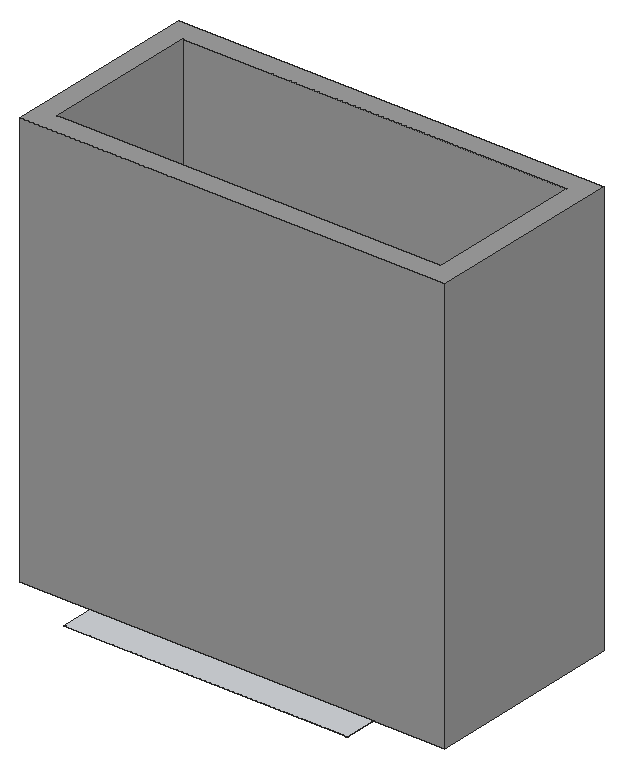
Revit family "WLL_room_template", category Walls, Revit 2024
Family settings
  Work Plane-Based = No
  Always vertical = No
  Cut with Voids When Loaded = No
  Shared = Yes
Parameters
  Type IFC Predefined Type = "PARTITIONING"
  Structural Material = none
  HSL_drofus_room_func_no [instance] = ""
  HSL_WIDTH [instance] = 2367.295 mm
  HSL_ROOM_NUMBER = ""
  HSL_ROOM_NAME_SHORT [instance] = ""
  HSL_ROOM_NAME [instance] = ""
  HSL_HEIGHT [instance] = 2438.4 mm
  HSL_GROSS_FLOOR_AREA [instance] = HSL_DEPTH * HSL_WIDTH  # 2.47146 m²
  HSL_DEPTH [instance] = 1044.001 mm
  HSL_DEPARTMENT_2 [instance] = ""
  HSL_DEPARTMENT_1 [instance] = ""
  HSL_DEPARTMENT [instance] = ""
  HSL_CLIENT_REQ_AREA_DIFF_PERC [instance] = if(HSL_GROSS_FLOOR_AREA - HSL_CLIENT_REQ_AREA = 0.00 m², 0, if(HSL_CLIENT_REQ_AREA = 0.00 m², 9999, 100 * (HSL_GROSS_FLOOR_AREA - HSL_CLIENT_REQ_AREA) / HSL_CLIENT_REQ_AREA))  # 9999
  HSL_CLIENT_REQ_AREA_DIFF [instance] = HSL_GROSS_FLOOR_AREA - HSL_CLIENT_REQ_AREA  # 2.47146 m²
  HSL_CLIENT_REQ_AREA [instance] = 0.00 m²
  Export Type to IFC As = "IfcWallType"
Reference planes
  plane 1: y = 0
  plane 2: z = 0
  plane 3: x = -230.945
  plane 4: z = 2438.4
Forms (mm)
  Extrusion 1, solid, material <- "Structural Material", detail levels medium+fine
    sketch origin (0, 0, 0) x (1, 0, 0) y (0, 1, 0)
      loop
        line (-1474.593, 582) -> (-1474.593, -582) -> (1012.703, -582) -> (1012.703, 582) -> (-1474.593, 582)
      loop
        line (-1354.593, 462) -> (-1354.593, -462) -> (892.703, -462) -> (892.703, 462) -> (-1354.593, 462)
    from 0 to 2438.4 <- "HSL_HEIGHT"
  Extrusion 2, solid, not visible, detail levels coarse
    sketch origin (0, 0, 0) x (1, 0, 0) y (0, 1, 0)
      loop
        line (-1474.593, 582) -> (-1474.593, -582) -> (1012.703, -582) -> (1012.703, 582) -> (-1474.593, 582)
      loop
        line (-1354.593, 462) -> (-1354.593, -462) -> (892.703, -462) -> (892.703, 462) -> (-1354.593, 462)
    from 0 to 2438.4 <- "HSL_HEIGHT"
Dimensions and locks
  "HSL_HEIGHT": plane 4 to level
  aligned and locked: plane 3 to nested 1
  aligned and locked: plane 1 to nested 1
  aligned and locked: plane 3 to nested 2
  aligned and locked: plane 1 to nested 2
  aligned and locked: plane 3 to nested 3
  aligned and locked: plane 1 to nested 3
Automatic sketch dimensions
  Extrusion 1 sketch curve to plane 1 = 462 mm
  Extrusion 1 sketch curve to Extrusion 1 sketch curve = 120 mm  (x4)
  Extrusion 2 sketch curve to plane 1 = 462 mm
  Extrusion 2 sketch curve to Extrusion 2 sketch curve = 120 mm  (x4)
  plane 1 to Extrusion 1 sketch curve = 462 mm
  plane 1 to Extrusion 2 sketch curve = 462 mm
  plane 3 to Extrusion 1 sketch curve = 1123.648 mm
  plane 3 to Extrusion 2 sketch curve = 1123.648 mm
  Extrusion 1 sketch curve to plane 3 = 1123.648 mm
  Extrusion 2 sketch curve to plane 3 = 1123.648 mm
Nested families
  nested 1: "ANN_Planning_nested_tag" at (-230.945, 0, 0), HSL_DEPTH <- "HSL_DEPTH", HSL_WIDTH <- "HSL_WIDTH", HSL_ROOM_NAME_SHORT <- "HSL_ROOM_NAME_SHORT", HSL_drofus_room_func_no <- "HSL_drofus_room_func_no", HSL_CLIENT_REQ_AREA <- "HSL_CLIENT_REQ_AREA", HSL_GROSS_FLOOR_AREA <- "HSL_GROSS_FLOOR_AREA", type "ANN_Planning_nested_tag"
    with HSL_drofus_room_func_no "", HSL_WIDTH 2367.295 mm, HSL_ROOM_NAME_SHORT "", HSL_ID_INSTANCE "", HSL_GROSS_FLOOR_AREA 2.47146 m², HSL_DEPTH 1044.001 mm, HSL_CLIENT_REQ_AREA 0.00 m²
  nested 2: "GEN_Inner_Nested_template" at (-230.945, 0, 0), HSL_DEPARTMENT <- "HSL_DEPARTMENT", HSL_DEPARTMENT_1 <- "HSL_DEPARTMENT_1", HSL_DEPARTMENT_2 <- "HSL_DEPARTMENT_2", HSL_ROOM_NUMBER <- "HSL_ROOM_NUMBER", HSL_drofus_room_func_no <- "HSL_drofus_room_func_no", HSL_CLIENT_REQ_AREA_DIFF <- "HSL_CLIENT_REQ_AREA_DIFF", HSL_CLIENT_REQ_AREA_DIFF_PERC <- "HSL_CLIENT_REQ_AREA_DIFF_PERC", HSL_DEPTH <- "HSL_DEPTH", HSL_HEIGHT <- "HSL_HEIGHT", HSL_WIDTH <- "HSL_WIDTH", type "Rectangle_Inner_Nested"
    with HSL_drofus_room_func_no "", HSL_WIDTH 2367.295 mm, HSL_ROOM_NUMBER "", HSL_HEIGHT 2438.4 mm, HSL_DEPTH 1044.001 mm, HSL_DEPARTMENT_2 "", HSL_DEPARTMENT_1 "", HSL_DEPARTMENT "", HSL_CLIENT_REQ_AREA_DIFF_PERC 9999, HSL_CLIENT_REQ_AREA_DIFF 2.47146 m²
  nested 3: "GEN_Inner_Nested_Coarse_template" at (-230.945, 0, 0), HSL_DEPTH <- "HSL_DEPTH", HSL_HEIGHT <- "HSL_HEIGHT", HSL_WIDTH <- "HSL_WIDTH", HSL_DEPARTMENT <- "HSL_DEPARTMENT", HSL_DEPARTMENT_1 <- "HSL_DEPARTMENT_1", HSL_DEPARTMENT_2 <- "HSL_DEPARTMENT_2", HSL_ROOM_NUMBER <- "HSL_ROOM_NUMBER", HSL_drofus_room_func_no <- "HSL_drofus_room_func_no", HSL_CLIENT_REQ_AREA_DIFF <- "HSL_CLIENT_REQ_AREA_DIFF", HSL_CLIENT_REQ_AREA_DIFF_PERC <- "HSL_CLIENT_REQ_AREA_DIFF_PERC", type "Rectangle_Inner_Nested", detail levels coarse
    with HSL_drofus_room_func_no "", HSL_WIDTH 2367.295 mm, HSL_ROOM_NUMBER "", HSL_HEIGHT 2438.4 mm, HSL_DEPTH 1044.001 mm, HSL_DEPARTMENT_2 "", HSL_DEPARTMENT_1 "", HSL_DEPARTMENT "", HSL_CLIENT_REQ_AREA_DIFF_PERC 9999, HSL_CLIENT_REQ_AREA_DIFF 2.47146 m²
Definition of nested family "GEN_Inner_Nested_template"
  Parameters (values of type "Rectangle_Inner_Nested")
    Learning Link = ""
    HSL_drofus_room_func_no [instance] = ""
    HSL_WIDTH [instance] = 1880 mm
    HSL_ROOM_NUMBER [instance] = ""
    HSL_HEIGHT [instance] = 1574.089 mm
    HSL_DEPTH [instance] = 1766.032 mm
    HSL_DEPARTMENT_2 [instance] = ""
    HSL_DEPARTMENT_1 [instance] = ""
    HSL_DEPARTMENT [instance] = ""
    HSL_CLIENT_REQ_AREA_DIFF_PERC [instance] = 0
    HSL_CLIENT_REQ_AREA_DIFF [instance] = 0.00 m²
    Default Elevation = 0 mm
  Reference planes
    plane 1 "Center (Front/Back)": y = 0
    plane 2: z = 0
    plane 3 "Center (Left/Right)": x = 0
    plane 4: z = 1574.089
  Forms (mm)
    Extrusion 1, solid, detail levels medium+fine
      sketch origin (0, 0, 0) x (1, 0, 0) y (0, 1, 0)
        loop
          line (-832.073, 775.089) -> (-832.073, -775.089) -> (832.073, -775.089) -> (832.073, 775.089) -> (-832.073, 775.089)
      from 0 to 1
  Lines and regions (mm)
    model lines, detail levels medium+fine
      curve 1: line (0, 0, 0) -> (0, 0, 1574.089)
  Dimensions and locks
    "HSL_HEIGHT": plane 4 to level
    aligned and locked: level to plane 2
    aligned and locked: plane 4 to curve 1
    aligned and locked: level to curve 1
    aligned and locked: plane 3 "Center (Left/Right)" to curve 1
  Automatic sketch dimensions
    plane 3 "Center (Left/Right)" to Extrusion 1 sketch curve = 832.073 mm
    Extrusion 1 sketch curve to plane 3 "Center (Left/Right)" = 832.073 mm
    Extrusion 1 sketch curve to plane 1 "Center (Front/Back)" = 775.089 mm
    plane 1 "Center (Front/Back)" to Extrusion 1 sketch curve = 775.089 mm
Definition of nested family "ANN_Planning_nested_tag"
  Parameters (values of type "ANN_Planning_nested_tag")
    Learning Link = ""
    HSL_drofus_room_func_no [instance] = "00.00.00"
    HSL_WIDTH [instance] = 2000 mm
    HSL_ROOM_NAME_SHORT [instance] = "SAMPLE"
    HSL_ID_INSTANCE [instance] = ""
    HSL_GROSS_FLOOR_AREA [instance] = 60.00 m²
    HSL_DEPTH [instance] = 3000 mm
    HSL_CLIENT_REQ_AREA [instance] = 30.00 m²
    Default Elevation = 0 mm
  Reference planes
    plane 1 "Center (Front/Back)": y = 0
    plane 2: z = 0
    plane 3 "Center (Left/Right)": x = 0
  Dimensions and locks
    aligned and locked: level to plane 2
  Nested families
    nested 1: "SYM_Planning_Annotation" at (-30, -159.812, 0), HSL_GROSS_FLOOR_AREA <- "HSL_GROSS_FLOOR_AREA", HSL_ROOM_NAME_SHORT <- "HSL_ROOM_NAME_SHORT", HSL_drofus_room_func_no <- "HSL_drofus_room_func_no", HSL_DEPTH <- "HSL_DEPTH", HSL_WIDTH <- "HSL_WIDTH", HSL_CLIENT_REQ_AREA <- "HSL_CLIENT_REQ_AREA", type "SYM_Planning_Annotation"
      with HSL_drofus_room_func_no "00.00.00", HSL_WIDTH 2000 mm, HSL_ROOM_NAME_SHORT "SAMPLE", HSL_GROSS_FLOOR_AREA 60.00 m², HSL_DEPTH 3000 mm, HSL_CLIENT_REQ_AREA 30.00 m²
  Definition of nested family "SYM_Planning_Annotation"
    Parameters (values of type "SYM_Planning_Annotation")
      HSL_drofus_room_func_no [instance] = ""
      HSL_WIDTH [instance] = 0 mm
      HSL_ROOM_NAME_SHORT [instance] = ""
      HSL_GROSS_FLOOR_AREA [instance] = 0.00 m²
      HSL_DEPTH [instance] = 0 mm
      HSL_CLIENT_REQ_AREA [instance] = 0.00 m²
    Reference planes
      plane 1: y = 0
      plane 2: x = 0
    Text (mm)
      label "HSL_WIDTH/ HSL_DEPTH\nHSL_drofus_room_func_no\nHSL_ROOM_NAME_SHORT\nHSL_GROSS_FLOOR_AREA /  [HSL_CLIENT_REQ_AREA]" at (1.878, 17.288, 0), shows "HSL_WIDTH", "HSL_DEPTH", "HSL_drofus_room_func_no", "HSL_ROOM_NAME_SHORT", "HSL_GROSS_FLOOR_AREA", "HSL_CLIENT_REQ_AREA"
Definition of nested family "GEN_Inner_Nested_Coarse_template"
  Parameters (values of type "Rectangle_Inner_Nested")
    Learning Link = ""
    HSL_drofus_room_func_no [instance] = ""
    HSL_WIDTH [instance] = 2000 mm
    HSL_ROOM_NUMBER [instance] = ""
    HSL_HEIGHT [instance] = 1574.089 mm
    HSL_DEPTH [instance] = 2000 mm
    HSL_DEPARTMENT_2 [instance] = ""
    HSL_DEPARTMENT_1 [instance] = ""
    HSL_DEPARTMENT [instance] = ""
    HSL_CLIENT_REQ_AREA_DIFF_PERC [instance] = 0
    HSL_CLIENT_REQ_AREA_DIFF [instance] = 0.00 m²
    Default Elevation = 0 mm
  Reference planes
    plane 1 "Center (Front/Back)": y = 0
    plane 2: z = 0
    plane 3 "Center (Left/Right)": x = 0
    plane 4: z = 1574.089
  Forms (mm)
    Extrusion 1, solid, detail levels coarse
      sketch origin (0, 0, 0) x (1, 0, 0) y (0, 1, 0)
        loop
          arc (-700, 900) -> (-841.421, 841.421) -> (-900, 700) r 200
          line (-900, 700) -> (-900, -700)
          arc (-900, -700) -> (-841.421, -841.421) -> (-700, -900) r 200
          line (-700, -900) -> (700, -900)
          arc (700, -900) -> (841.421, -841.421) -> (900, -700) r 200
          line (900, -700) -> (900, 700)
          arc (900, 700) -> (841.421, 841.421) -> (700, 900) r 200
          line (700, 900) -> (-700, 900)
      from 0 to 1
  Lines and regions (mm)
    model lines, detail levels coarse
      curve 1: line (0, 0, 0) -> (0, 0, 1574.089)
    symbolic lines, detail levels coarse
      curve 2: line (700, 900, 0) -> (-700, 900, 0)
      curve 3: line (900, -700, 0) -> (900, 700, 0)
      curve 4: line (-700, -900, 0) -> (700, -900, 0)
      curve 5: line (-900, 700, 0) -> (-900, -700, 0)
      curve 6: arc (700, 900, 0) -> (841.421, 841.421, 0) -> (900, 700, 0) r 200
      curve 7: arc (-700, 900, 0) -> (-841.421, 841.421, 0) -> (-900, 700, 0) r 200
      curve 8: arc (700, -900, 0) -> (841.421, -841.421, 0) -> (900, -700, 0) r 200
  Dimensions and locks
    "HSL_HEIGHT": plane 4 to level
    aligned and locked: level to plane 2
    aligned and locked: plane 4 to curve 1
    aligned and locked: level to curve 1
    aligned and locked: plane 3 "Center (Left/Right)" to curve 1
  Automatic sketch dimensions
    curve 5 to curve 7 = 200 mm
    curve 6 to curve 6 = 200 mm
    Extrusion 1 sketch curve to Extrusion 1 sketch curve = 200 mm  (x3)
    curve 8 to curve 8 = 200 mm
    plane 3 "Center (Left/Right)" to curve 6 = 700 mm
    plane 3 "Center (Left/Right)" to Extrusion 1 sketch curve = 700 mm
    curve 2 to plane 3 "Center (Left/Right)" = 700 mm
    plane 1 "Center (Front/Back)" to curve 4 = 900 mm
    curve 6 to plane 1 "Center (Front/Back)" = 700 mm
    curve 5 to curve 4 = 200 mm
    curve 4 to curve 5 = 200 mm
    Extrusion 1 sketch curve to plane 3 "Center (Left/Right)" = 700 mm  (x2)
    plane 1 "Center (Front/Back)" to Extrusion 1 sketch curve = 900 mm
    Extrusion 1 sketch curve to plane 1 "Center (Front/Back)" = 700 mm
